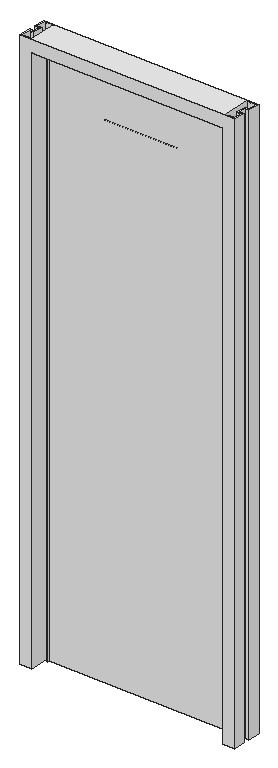
Revit family "kawneer-flushline_avl-sgl_no-tran-fr_20645", category Doors, host Wall, Revit 2015
Parameters
  Water - Static (ASTM E 331) = "product not tested"
  URL = "http://www.kawneer.com/kawneer/north_america/en/product.asp?prod_id=1820"
  Type of Glazing = "monolithic, insulating"
  Type Comments = "Foam-filled with Aluminum or FRP Face Sheets"
  Thermal Transmittance = "< 0.28 BTU/hr/sf/F"
  Sub Category3 = ""
  Sub Category2 = ""
  Sub Category1 = ""
  Sightline = 0"
  Short Description = "Foam-filled with Aluminum or FRP Face Sheets"
  Product data url = "https://bimobject.com/kawneerna/product/20635"
  Panel Inserts Material = Glass
  Overall U-Factor = "product not tested"
  Model = "Flushline®"
  Manufacturer Part Number = "Flushline®"
  Manufacturer = "Kawneer"
  Keywords = "Entrance, Door, Swing Door, FRP Skin Door, Aluminum Skin Door, Foam-filled Door"
  Hurricane Resistant Tested [instance] = "product not tested"
  Hinging Types = "Offset Pivot, Butt Hinge, Continuous Gear Hinge"
  Height = 84"
  Wall Closure = By host
  Width = 32"
  Glazing Thickness = 0"
  Glass U-Factor = "product not tested"
  Glass Installtion = "cut outs for vision area, inside or outside"
  Glass Capture = "Captured"
  Function (Interior or Exterior) = "Exterior, Interior"
  Function = Interior
  Door Panel Width = Width - (1 3/4" * 2)  # 28 1/2"
  Door Panel Material = Aluminum - ASTM B 221 - 6063-T6 alloy and temper
  Door Panel Height = Height - 1 3/4"  # 82 1/4"
  Door Opening = Door Panel Width  # 28 1/2"
  Door Corner Construction = "Welded"
  Design Pressure = "n/a"
  Design Load = "n/a"
  Description = "The \"Flushline\" entrance is a polyurethane foam filled door with FRP or aluminum face sheets designed in various textures for interior or exterior use."
  Depth = 2"
  Color = "any"
  Cladding Type = "n/a"
  CSI Masterformat Code = "08 41 13"
  Assembly Code = "B2030110"
  Application = "moderate traffic, high traffic, impact areas"
  Air Infiltration (ASTM E 283) = "product not tested"
  2-Color Option = "no"
Reference planes
  plane 1 "Centre Wall": y = 0
  plane 2 "Center (Left/Right)": x = 0
  plane 3 "Left": x = -406.4
  plane 4 "Right": x = 406.4
  plane 5: z = 2133.6
  plane 6 "Exterior": y = 75
  plane 7 "Interior": y = -75
  plane 8: x = -361.9
  plane 9: x = 361.9
Forms (mm)
  Sweep 1, solid, material "Aluminum - ASTM B 221 - 6063-T6 alloy and temper" <- "Door Panel Material"
    path origin (0, 0, 0) x (1, 0, 0) y (0, 0, 1)
      loop
        line (406.4, 2133.6) -> (406.4, 0)
    profile "TF450Frame : TF450Frame" origin (406.4, 0, 1066.8) x (1, 0, 0) y (0, -1, 0)
      loop
        line (-54.5, -13.375) -> (-44.5, -13.375) -> (-44.5, -57.175) -> (0, -57.175) -> (0, -12.125) -> (-17.25, -12.125) -> (-17.25, 12.125) -> (0, 12.125) -> (0, 57.125) -> (-44.5, 57.125) -> (-44.5, -8.375) -> (-54.5, -8.375) -> (-54.5, -13.375)
      loop
        line (-5, -17.125) -> (-22.25, -17.125) -> (-22.25, 17.125) -> (-5, 17.125) -> (-5, 52.125) -> (-39.5, 52.125) -> (-39.5, -52.175) -> (-5, -52.175) -> (-5, -17.125)
  Sweep 2, solid, material "Aluminum - ASTM B 221 - 6063-T6 alloy and temper" <- "Door Panel Material"
    path origin (0, 0, 0) x (1, 0, 0) y (0, 0, 1)
      loop
        line (361.9, 2133.6) -> (-361.9, 2133.6)
    profile "TF450topFrame : TF450topFrame" origin (0, 0, 2133.6) x (0, 0, -1) y (0, -1, 0)
      loop
        line (54.5, -13.35) -> (54.5, -8.35) -> (44.5, -8.35) -> (44.5, 57.15) -> (0, 57.15) -> (0, -57.15) -> (44.5, -57.15) -> (44.5, -13.35) -> (54.5, -13.35)
      loop
        line (5, -52.15) -> (39.5, -52.15) -> (39.5, 52.15) -> (5, 52.15) -> (5, -52.15)
  Sweep 3, solid, material "Aluminum - ASTM B 221 - 6063-T6 alloy and temper" <- "Door Panel Material"
    path origin (0, 0, 0) x (1, 0, 0) y (0, 0, 1)
      loop
        line (-406.4, 0) -> (-406.4, 2133.6)
    profile "TF450Frame : TF450Frame" origin (-406.4, 0, 1066.8) x (-1, 0, 0) y (0, -1, 0)
      loop
        line (-54.5, -13.375) -> (-44.5, -13.375) -> (-44.5, -57.175) -> (0, -57.175) -> (0, -12.125) -> (-17.25, -12.125) -> (-17.25, 12.125) -> (0, 12.125) -> (0, 57.125) -> (-44.5, 57.125) -> (-44.5, -8.375) -> (-54.5, -8.375) -> (-54.5, -13.375)
      loop
        line (-5, -17.125) -> (-22.25, -17.125) -> (-22.25, 17.125) -> (-5, 17.125) -> (-5, 52.125) -> (-39.5, 52.125) -> (-39.5, -52.175) -> (-5, -52.175) -> (-5, -17.125)
Cuts and joins
  joined: Sweep 1, Sweep 2, Sweep 3
Lines and regions (mm)
  Opening 1
    outline origin (-3050, -75, 0) x (1, 0, 0) y (0, 0, 1)
      loop
        line (2643.6, 0) -> (3456.4, 0) -> (3456.4, 2133.6) -> (2643.6, 2133.6) -> (2643.6, 0)
  symbolic lines
    curve 1: line (-361.9, 781.05, 0) -> (-311.1, 781.05, 0)
    curve 2: line (-361.9, 57.15, 0) -> (-361.9, 781.05, 0)
    curve 3: line (-311.1, 57.15, 0) -> (-361.9, 57.15, 0)
    curve 4: line (-311.1, 781.05, 0) -> (-311.1, 57.15, 0)
    curve 5: arc (-311.1, 781.05, 0) -> (168.668, 552.235, 0) -> (363.78, 57.8, 0) r 725.68
Text (mm)
  text "Exterior" at (-2295.016, 1099.543, 0), in view "Ref. Level"
  text "Exterior" at (0, 1615.38, 3698.081), in view "Left"
  text "Exterior" at (0, 1036.032, 3874.932), in view "Right"
Dimensions and locks
  equal spacing: plane 3 "Left", plane 2 "Center (Left/Right)", plane 4 "Right"
  "Width": plane 3 "Left" to plane 4 "Right"
  "Height": plane 5 to host wall
  host wall to plane 5 = 84"  (x2)
  locked: plane 6 "Exterior" to host wall at 0
  locked: plane 7 "Interior" to host wall
  locked: plane 3 "Left" to plane 8 at 44.5
  locked: plane 9 to plane 4 "Right" at 44.5
  "Depth": curve 2 to curve 4
  "Door Panel Width": cut or joined group of Sweep 1, Sweep 2, Sweep 3 to curve 1
  aligned and locked: plane 3 "Left" to Opening 1 sketch curve
  aligned and locked: plane 5 to Opening 1 sketch curve  (x2)
  aligned and locked: Opening 1 sketch curve to plane 4 "Right"
  aligned and locked: Opening 1 sketch curve to level
  aligned and locked: plane 1 "Centre Wall" to host wall
  aligned and locked: plane 5 to Sweep 1 sketch curve
  aligned and locked: level to Sweep 1 sketch curve
  aligned and locked: plane 9 to Sweep 2 sketch curve
  aligned and locked: plane 8 to Sweep 2 sketch curve
  aligned and locked: plane 3 "Left" to Sweep 3 sketch curve
  aligned and locked: level to Sweep 3 sketch curve
  aligned and locked: plane 5 to Sweep 3 sketch curve
  aligned and locked: nested 1 to plane 2 "Center (Left/Right)"
  aligned and locked: nested 1 to cut or joined group of Sweep 1, Sweep 2, Sweep 3
  aligned and locked: plane 8 to curve 2
  aligned and locked: cut or joined group of Sweep 1, Sweep 2, Sweep 3 to curve 3
  aligned and locked: nested 1 to curve 5
Automatic sketch dimensions
  Sweep 1 sketch curve to plane 4 "Right" = 0"
  Sweep 2 sketch curve to plane 5 = 0"
  Sweep 2 sketch curve to plane 8 = 0"
  Sweep 2 sketch curve to plane 9 = 0"
  curve 5 to plane 8 = 0"
  curve 5 to curve 2 = 0"
Nested families
  nested 1: "Kawneer-Flushline_AVL-Sgl" at (-38.1, 35.575, 0) x (-1, 0, 0) z (0, 0, 1), type "Kawneer-Flushline_AVL-Sgl"
    with Width 28 1/2", VL Height 75 1/4", Height 82 1/4"
Definition of nested family "Kawneer-Flushline_AVL-Sgl"
  Parameters
    Width = 32"
    VL Height = Height - 7"  # 77"
    Panel Inserts Material = none
    Height = 84"
    Door Panel Material = none
    Door Handle Width = 2"
    Door Handle Height = 33 1/8"
    Depth = 1 3/4"
  Reference planes
    plane 1 "Center (Front/Back)": y = 0
    plane 2: z = 0
    plane 3 "Center (Left/Right)": x = -38.1
    plane 4: x = -444.5
    plane 5: x = 368.3
    plane 6: y = -22.225
    plane 7: y = 22.225
    plane 8: z = 2133.6
    plane 9: z = 841.375
    plane 10: x = -393.7
    plane 11: z = 1955.8
    plane 12: x = -190.5
    plane 13: x = 114.3
    plane 14: z = 1651
  Forms (mm)
    Extrusion 1, solid, material <- "Door Panel Material"
      sketch origin (0, 0, 0) x (1, 0, 0) y (0, 0, 1)
        loop
          line (-444.5, 2133.6) -> (-444.5, 0) -> (368.3, 0) -> (368.3, 2133.6) -> (-444.5, 2133.6)
      from -22.225 to 22.225
    Extrusion 2, void
      sketch origin (0, 0, 0) x (1, 0, 0) y (0, 0, 1)
        loop
          line (-190.5, 1955.8) -> (-190.5, 1651) -> (114.3, 1651) -> (114.3, 1955.8) -> (-190.5, 1955.8)
      from 0 to 304.8
    Sweep 3, solid, material <- "Door Panel Material"
      path origin (0, 0, 0) x (1, 0, 0) y (0, 0, 1)
        loop
          line (-190.5, 1955.8) -> (-190.5, 1651) -> (114.3, 1651) -> (114.3, 1955.8) -> (-190.5, 1955.8)
      profile "EAClad : EAClad" origin (-190.5, 0, 1803.4) x (1, 0, 0) y (0, -1, 0)
        loop
          line (10.711, 3) -> (13.211, 3) -> (13.211, 8.361) -> (16.672, 4.9) -> (16, 4.228) -> (16, 3) -> (21, 3) -> (7.5, 16.9) -> (0, 16.9) -> (0, -16.9) -> (7.5, -16.9) -> (21, -3) -> (16, -3) -> (16, -4.228) -> (16.672, -4.9) -> (13.211, -8.361) -> (13.211, -3) -> (10.711, -3) -> (10.711, -10.861) -> (7.5, -14.072) -> (7.5, -11.9) -> (2.5, -11.9) -> (2.5, 11.9) -> (7.5, 11.9) -> (7.5, 14.072) -> (10.711, 10.861) -> (10.711, 3)
    Extrusion 4, solid, material <- "Panel Inserts Material"
      sketch origin (-38.1, 0, 0) x (0, 1, 0) y (0, 0, 1)
        loop
          line (3, 1945.089) -> (-3, 1945.089) -> (-3, 1661.711) -> (3, 1661.711) -> (3, 1945.089)
      from -141.689 to 141.689
  Cuts and joins
    Extrusion 2 cuts Extrusion 1
  Dimensions and locks
    equal spacing: plane 6, plane 1 "Center (Front/Back)", plane 7
    "Depth": plane 6 to plane 7
    equal spacing: plane 4, plane 3 "Center (Left/Right)", plane 5
    "Width": plane 4 to plane 5
    "Height": plane 8 to level
    "Door Handle Height": plane 9 to level
    "Door Handle Width": plane 10 to plane 4
    "VL Height": plane 11 to level
    locked: plane 11 to plane 14 at 304.8
    equal spacing: plane 13, plane 3 "Center (Left/Right)", plane 12, locked at 152.4 each
    aligned and locked: plane 4 to Extrusion 1 sketch curve
    aligned and locked: Extrusion 1 sketch curve to plane 8
    aligned and locked: plane 2 to Extrusion 1 sketch curve
    aligned and locked: Extrusion 1 sketch curve to plane 5
    aligned and locked: Extrusion 1 to plane 7
    aligned and locked: Extrusion 1 to plane 6
    aligned and locked: plane 9 to nested 1
    aligned and locked: nested 1 to plane 6
    aligned and locked: plane 10 to nested 1
    aligned and locked: plane 12 to Extrusion 2 sketch curve
    aligned and locked: Extrusion 2 sketch curve to plane 11
    aligned and locked: plane 14 to Extrusion 2 sketch curve
    aligned and locked: Extrusion 2 sketch curve to plane 13
    aligned and locked: Sweep 3 sketch curve to plane 12
    aligned and locked: Sweep 3 sketch curve to plane 11
    aligned and locked: Sweep 3 sketch curve to plane 13
    aligned and locked: Sweep 3 sketch curve to plane 14
    aligned and locked: Extrusion 4 sketch curve to Sweep 3  (x4)
    aligned and locked: Extrusion 4 to Sweep 3  (x2)
  Nested families
    nested 1: "Style CO 9 Pull" at (-431.734, -22.225, 612.775), type "Style CO 9 Pull"
  Definition of nested family "Style CO 9 Pull"
    Parameters
      Width = 1.1811"
      Height = 9"
      Hangle Material = none
      Depth = 1.1811"
    Reference planes
      plane 1 "Center (Front/Back)": y = 0
      plane 2: z = 0
      plane 3 "Center (Left/Right)": x = 53.034
      plane 4: y = -30
      plane 5: x = 38.034
      plane 6: x = 68.034
      plane 7: x = 46.034
      plane 8 "Top": z = 228.6
      plane 9: x = 60.034
      plane 10: z = 220.6
      plane 11: z = 8
    Forms (mm)
      Sweep 1, solid, material <- "Hangle Material"
        path origin (0, 0, 0) x (1, 0, 0) y (0, 1, 0)
          loop
            line (38.034, 0) -> (38.034, -23)
            arc (38.034, -23) -> (40.085, -27.95) -> (45.034, -30) r 7
            line (45.034, -30) -> (60.034, -30)
        profile origin (38.034, -11.5, 0) x (1, 0, 0) y (0, 0, 1)
          loop
            circle (0, 0) r 5
      Sweep 2, solid, material <- "Hangle Material"
        path origin (0, 0, 228.6) x (-1, 0, 0) y (0, -1, 0)
          loop
            line (-38.034, 0) -> (-38.034, 23)
            arc (-38.034, 23) -> (-40.085, 27.95) -> (-45.034, 30) r 7
            line (-45.034, 30) -> (-60.034, 30)
        profile origin (38.034, -11.5, 228.6) x (1, 0, 0) y (0, 0, 1)
          loop
            circle (0, 0) r 5
      Sweep 3, solid, material <- "Hangle Material"
        path origin (-1540.712, -30, 1200) x (-1, 0, 0) y (0, 0, 1)
          loop
            arc (-1600.747, -1200) -> (-1606.404, -1197.657) -> (-1608.747, -1192) r 8
            line (-1608.747, -1192) -> (-1608.747, -979.4)
            arc (-1608.747, -979.4) -> (-1606.404, -973.743) -> (-1600.747, -971.4) r 8
        profile origin (68.034, -30, 114.3) x (1, 0, 0) y (0, 1, 0)
          loop
            circle (0, 0) r 5
    Cuts and joins
      joined: Sweep 1, Sweep 2, Sweep 3
    Dimensions and locks
      "Depth": plane 4 to plane 1 "Center (Front/Back)"
      equal spacing: plane 5, plane 3 "Center (Left/Right)", plane 6
      locked: plane 5 to plane 7 at 8
      "Width": plane 5 to plane 6
      "Height": plane 8 "Top" to level
      locked: plane 9 to plane 6 at 8
      locked: level to plane 11 at 8
      locked: plane 10 to plane 8 "Top" at 8
      aligned and locked: Sweep 1 sketch curve to plane 5
      aligned and locked: Sweep 1 sketch curve to plane 4
      aligned and locked: plane 1 "Center (Front/Back)" to Sweep 1 sketch curve
      aligned and locked: plane 9 to Sweep 1 sketch curve
      aligned and locked: Sweep 2 sketch curve to plane 5
      aligned and locked: Sweep 2 sketch curve to plane 4
      aligned and locked: plane 1 "Center (Front/Back)" to Sweep 2 sketch curve
      aligned and locked: plane 9 to Sweep 2 sketch curve
      aligned and locked: plane 6 to Sweep 3 sketch curve  (x2)
      aligned and locked: plane 10 to Sweep 3 sketch curve
      aligned and locked: plane 11 to Sweep 3 sketch curve
      aligned and locked: plane 9 to Sweep 3 sketch curve  (x2)
      aligned and locked: plane 8 "Top" to Sweep 3 sketch curve
      aligned and locked: level to Sweep 3 sketch curve
      aligned and locked: plane 4 to Sweep 3 sketch curve
    Automatic sketch dimensions
      Sweep 1 sketch curve to plane 7 = 0.03937"
      Sweep 1 sketch curve to level = 0"
      Sweep 1 sketch curve to profile plane = 0"
      Sweep 2 sketch curve to plane 7 = 0.03937"
      Sweep 2 sketch curve to plane 8 "Top" = 0"
      Sweep 2 sketch curve to profile plane = 0"
      radius of Sweep 1 sketch curve = 0.19685"
      radius of Sweep 2 sketch curve = 0.19685"
      radius of Sweep 3 sketch curve = 0.19685"
